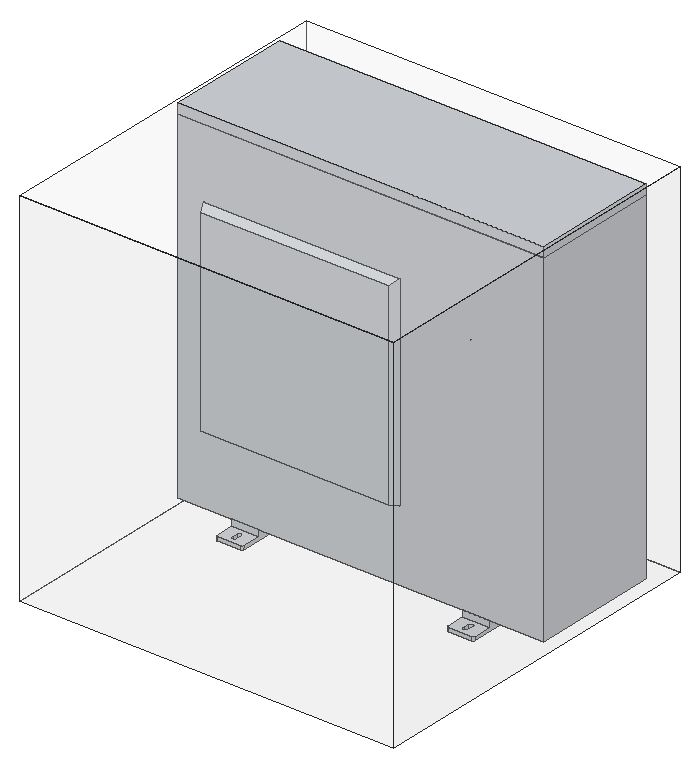
Revit family "puz-zrmp80(s)ha_280ka11_60Hz", category 機械設備, Revit 2019
Family settings
  丸型コネクタ寸法 = 直径を使用
  パーツ タイプ = 標準
  OmniClass 番号 = 23.75.10.24.21.27.27
  OmniClass タイトル = Split System Air Conditioning Units
  作業面ベース = いいえ
  常に垂直 = はい
  ロード時にボイドで切り取り = いいえ
  共有 = いいえ
  部屋計算ポイント = いいえ
Parameters (values of type "PUZ-ZRMP80HA11")
  音響パワーレベル（冷）(dB) = 66
  音響パワーレベル(dB) = 68
  電源種別 = ""
  電源位置Y = 2 mm
  電源位置Z = 669 mm
  電源位置X = 275 mm
  電圧 = 200 V
  電動機出力_送風機 = 0.06 kW
  電動機出力_圧縮機 = 1.6 kW
  集中コントローラ [instance] = ""
  運転質量 = 0.00 kg
  運転方法 = "冷暖切替"
  質量 = if(製品質量 > 運転質量, 製品質量, 運転質量) * 1.2  # 79.20 kg
  負荷分類 = 1_熱源類
  説明 = "空冷H/P PAC インバータ室外機"
  設計暖房能力 [instance] = 0 kW
  設計冷房能力_顕熱 [instance] = 0 kW
  設計冷房能力 [instance] = 0 kW
  設置方法 = "床置形"
  記号 [instance] = ""
  製造元 = "三菱電機株式会社"
  製品質量 = 66.00 kg
  製品出荷対象 = "国内"
  製品リリース年月 = "2021年5月10日"
  製品グループ = ""
  系統 [instance] = ""
  符号 = "PAC"
  積算_科目 = "1 空気調和設備"
  積算_拾い区分 [instance] = ""
  相 = 3
  盤記号 [instance] = ""
  発停方法 = "付属スイッチ"
  特殊仕様 [instance] = ""
  消費電力_暖房 = 1.76 kW
  消費電力_冷房 = 1.68 kW
  消費電力 = if(消費電力_冷房 > 消費電力_暖房, 消費電力_冷房, 消費電力_暖房)  # 1.76 kW
  法定耐用年数 = "6"
  構成品番 = "PUZ-ZRMP80HA"
  極数 = 3
  材質 [instance] = ""
  本体マテリアル = none
  最小電線太さ_mm2 = 1.6
  最大電流値 = 0 A
  暖房能力 = 8 kW
  推奨ブレーカー容量 = 20 A
  据付ピッチ1 = 0 mm
  形式 = "パッケージ形 室外機"
  形名 = PUZ-ZRMP-2 : PUZ-ZRMP-2
  幹線記号 [instance] = ""
  始動方式 = "インバータ始動方式"
  呼称 = "パッケージ形空気調和機_室外機"
  周波数 = 60 Hz
  価格 = 726000
  ドレン　位置Z = 23 mm
  ドレン　位置Y = 111 mm
  ドレン　位置X = 30 mm
  アンカーボルト位置Y = 370 mm
  アンカーボルト位置X = 600 mm
  参照している仕様書等のバージョン = "公共建築物標準仕様書（機械設備工事編）平成31年度版"
  分類コード = "50053003126100"
  分類グループ = ""
  冷房能力 = 7.1 kW
  冷媒管（ガス）位置X = 434 mm
  冷媒管（液）位置X = 377 mm
  冷媒管（液）位置Y = 290 mm
  冷媒管（ガス）位置Y = 229 mm
  冷媒管長 [instance] = 0 mm
  冷媒管径符号 = "Bd"
  冷媒管径 = 100.00 mm
  冷媒管位置Z = 447 mm
  冷媒管位置Y = (冷媒管（液）位置Y + 冷媒管（ガス）位置Y) / 2  # 259.5 mm
  冷媒管位置X = (冷媒管（液）位置X + 冷媒管（ガス）位置X) / 2  # 405.5 mm
  冷媒液管径 = 9.52 mm
  冷媒ガス管径 = 15.88 mm
  企業コード = "108420"
  付属品 [instance] = ""
  仕様書バージョン = "Version1.0"
  ユニット数 = 1
  ユニット3 = yes
  ユニット2 = yes
  Model = ""
  ドレン管径 = 33.00 mm
  サービススペース = yes
  コメント [instance] = ""
  ケーブル種類1 = ""
  Width = 950 mm
  Version = ""
  Uniclass2015Version = "Systems v1.9"
  Uniclass2015Title = "Split coil remote air cooled condensing units"
  Uniclass2015Code = "Pr_70_65_03_84"
  URL = "https://www.mitsubishielectric.co.jp/ldg/wink/ssl/displayProduct.do?pid=311413"
  SpecificationReference = ""
  SpecificationDescription = ""
  Revision = ""
  ProductInformation = ""
  OmniClassCode = "23-33 17 13 11"
  IfcTypeProduct = ""
  IfcProduct = ""
  IfcExportType = "AIRCONDITIONINGUNIT"
  IfcExportAs = "IfcUnitaryEquipmentType"
  Height = 943 mm
  Depth = 330 mm
  Clearance Top = 0 mm
  Clearance Right = 10 mm
  Clearance Left = 10 mm
  Clearance Front = 500 mm
  Clearance Bottom = 0 mm
  Clearance Back = 100 mm
  COP = 0
  Author = "三菱電機株式会社"
  APF = 0
Reference planes
  plane 1 "中心(正面/背面)": y = 74
  plane 2: z = 0
  plane 3 "中心(左/右)": x = 830
  plane 4 "右": x = 1305
  plane 5 "左": x = 355
  plane 6 "背面": y = 239
  plane 7 "正面": y = -91
  plane 8 "上部": z = 943
  plane 9 "Clearanse Top": z = 943
  plane 10 "SS_back": y = 339
  plane 11 "SS_front": y = -591
  plane 12 "SS_left": x = 345
  plane 13 "SS_right": x = 1315
  plane 14: z = 0
  plane 15: y = -89
  plane 16: x = 1105
  plane 17: z = 669
  plane 18: y = -87
  plane 19: y = -20.5
  plane 20: x = 1235.5
  plane 21: z = 447
  plane 22: z = 449
  plane 23: y = 128
  plane 24: x = 385
  plane 25: z = 25
  plane 26: z = 23
  plane 27: x = 530
  plane 28: x = 1130
  plane 29: y = 259
  plane 30: y = -111
Forms (mm)
  Extrusion 1, solid, detail levels fine
    sketch origin (0, -91, 0) x (1, 0, 0) y (0, 0, 1)
      loop
        circle (1105, 669) r 13.5
    from -4 to -2
  Extrusion 2, solid, detail levels fine
    sketch origin (-1437.329, -1524, 54) x (-1, 0, 0) y (0, -1, 0)
      loop
        circle (-2672.829, -1503.5) r 50
    from 393 to 395
  Extrusion 3, solid, detail levels fine
    sketch origin (-1437.329, -1524, 54) x (-1, 0, 0) y (0, -1, 0)
      loop
        circle (-1822.329, -1652) r 16.5
    from -31 to -29
Lines and regions (mm)
  model lines, not visible
    curve 1: line (460, 178.667, 1289.179) -> (460, 297.73, 1289.179)
    curve 2: line (460, 178.667, 1056.056) -> (460, 178.667, 1289.179)
    curve 3: line (460, 297.73, 1056.056) -> (460, 178.667, 1056.056)
    curve 4: line (460, 297.73, 1289.179) -> (460, 297.73, 1056.056)
    curve 5: line (460, 47.598, 1289.179) -> (460, 166.661, 1289.179)
    curve 6: line (460, 47.598, 1056.056) -> (460, 47.598, 1289.179)
    curve 7: line (460, 166.661, 1056.056) -> (460, 47.598, 1056.056)
    curve 8: line (460, 166.661, 1289.179) -> (460, 166.661, 1056.056)
    curve 9: line (460, -83.471, 1289.179) -> (460, 35.592, 1289.179)
    curve 10: line (460, -83.471, 1056.056) -> (460, -83.471, 1289.179)
    curve 11: line (460, 35.592, 1056.056) -> (460, -83.471, 1056.056)
    curve 12: line (460, 35.592, 1289.179) -> (460, 35.592, 1056.056)
    curve 13: line (460, -150.779, 1289.179) -> (460, -95.75, 1289.179)
    curve 14: line (460, -150.779, 1056.056) -> (460, -150.779, 1289.179)
    curve 15: line (460, -95.75, 1056.056) -> (460, -150.779, 1056.056)
    curve 16: line (460, -95.75, 1289.179) -> (460, -95.75, 1056.056)
    curve 17: line (460, -150.779, 1283.175) -> (460, -132.596, 1283.175)
    curve 18: line (460, -150.779, 1062.059) -> (460, -150.779, 1283.175)
    curve 19: line (460, -132.596, 1062.059) -> (460, -150.779, 1062.059)
    curve 20: line (460, -132.596, 1283.175) -> (460, -132.596, 1062.059)
    curve 21: line (460, 178.667, 1046.051) -> (460, 297.73, 1046.051)
    curve 22: line (460, 178.667, 812.928) -> (460, 178.667, 1046.051)
    curve 23: line (460, 297.73, 812.928) -> (460, 178.667, 812.928)
    curve 24: line (460, 297.73, 1046.051) -> (460, 297.73, 812.928)
    curve 25: line (460, 47.598, 1046.051) -> (460, 166.661, 1046.051)
    curve 26: line (460, 47.598, 812.928) -> (460, 47.598, 1046.051)
    curve 27: line (460, 166.661, 812.928) -> (460, 47.598, 812.928)
    curve 28: line (460, 166.661, 1046.051) -> (460, 166.661, 812.928)
    curve 29: line (460, -83.471, 1046.051) -> (460, 35.592, 1046.051)
    curve 30: line (460, -83.471, 812.928) -> (460, -83.471, 1046.051)
    curve 31: line (460, 35.592, 812.928) -> (460, -83.471, 812.928)
    curve 32: line (460, 35.592, 1046.051) -> (460, 35.592, 812.928)
    curve 33: line (460, -150.779, 1046.051) -> (460, -95.75, 1046.051)
    curve 34: line (460, -150.779, 812.928) -> (460, -150.779, 1046.051)
    curve 35: line (460, -95.75, 812.928) -> (460, -150.779, 812.928)
    curve 36: line (460, -95.75, 1046.051) -> (460, -95.75, 812.928)
    curve 37: line (460, -150.779, 1040.048) -> (460, -132.596, 1040.048)
    curve 38: line (460, -150.779, 818.931) -> (460, -150.779, 1040.048)
    curve 39: line (460, -132.596, 818.931) -> (460, -150.779, 818.931)
    curve 40: line (460, -132.596, 1040.048) -> (460, -132.596, 818.931)
    curve 41: line (460, 178.667, 802.923) -> (460, 297.73, 802.923)
    curve 42: line (460, 178.667, 569.8) -> (460, 178.667, 802.923)
    curve 43: line (460, 297.73, 569.8) -> (460, 178.667, 569.8)
    curve 44: line (460, 297.73, 802.923) -> (460, 297.73, 569.8)
    curve 45: line (460, 47.598, 802.923) -> (460, 166.661, 802.923)
    curve 46: line (460, 47.598, 569.8) -> (460, 47.598, 802.923)
    curve 47: line (460, 166.661, 569.8) -> (460, 47.598, 569.8)
    curve 48: line (460, 166.661, 802.923) -> (460, 166.661, 569.8)
    curve 49: line (460, -83.471, 802.923) -> (460, 35.592, 802.923)
    curve 50: line (460, -83.471, 569.8) -> (460, -83.471, 802.923)
    curve 51: line (460, 35.592, 569.8) -> (460, -83.471, 569.8)
    curve 52: line (460, 35.592, 802.923) -> (460, 35.592, 569.8)
    curve 53: line (460, -150.779, 802.923) -> (460, -95.75, 802.923)
    curve 54: line (460, -150.779, 569.8) -> (460, -150.779, 802.923)
    curve 55: line (460, -95.75, 569.8) -> (460, -150.779, 569.8)
    curve 56: line (460, -95.75, 802.923) -> (460, -95.75, 569.8)
    curve 57: line (460, -150.779, 796.92) -> (460, -132.596, 796.92)
    curve 58: line (460, -150.779, 575.803) -> (460, -150.779, 796.92)
    curve 59: line (460, -132.596, 575.803) -> (460, -150.779, 575.803)
    curve 60: line (460, -132.596, 796.92) -> (460, -132.596, 575.803)
    curve 61: line (460, 178.667, 559.795) -> (460, 297.73, 559.795)
    curve 62: line (460, 178.667, 326.672) -> (460, 178.667, 559.795)
    curve 63: line (460, 297.73, 326.672) -> (460, 178.667, 326.672)
    curve 64: line (460, 297.73, 559.795) -> (460, 297.73, 326.672)
    curve 65: line (460, 47.598, 559.795) -> (460, 166.661, 559.795)
    curve 66: line (460, 47.598, 326.672) -> (460, 47.598, 559.795)
    curve 67: line (460, 166.661, 326.672) -> (460, 47.598, 326.672)
    curve 68: line (460, 166.661, 559.795) -> (460, 166.661, 326.672)
    curve 69: line (460, -83.471, 559.795) -> (460, 35.592, 559.795)
    curve 70: line (460, -83.471, 326.672) -> (460, -83.471, 559.795)
    curve 71: line (460, 35.592, 326.672) -> (460, -83.471, 326.672)
    curve 72: line (460, 35.592, 559.795) -> (460, 35.592, 326.672)
    curve 73: line (460, -150.779, 559.795) -> (460, -95.75, 559.795)
    curve 74: line (460, -150.779, 326.672) -> (460, -150.779, 559.795)
    curve 75: line (460, -95.75, 326.672) -> (460, -150.779, 326.672)
    curve 76: line (460, -95.75, 559.795) -> (460, -95.75, 326.672)
    curve 77: line (460, -150.779, 553.792) -> (460, -132.596, 553.792)
    curve 78: line (460, -150.779, 332.675) -> (460, -150.779, 553.792)
    curve 79: line (460, -132.596, 332.675) -> (460, -150.779, 332.675)
    curve 80: line (460, -132.596, 553.792) -> (460, -132.596, 332.675)
    curve 81: line (460, 178.667, 316.667) -> (460, 297.73, 316.667)
    curve 82: line (460, 178.667, 83.544) -> (460, 178.667, 316.667)
    curve 83: line (460, 297.73, 83.544) -> (460, 178.667, 83.544)
    curve 84: line (460, 297.73, 316.667) -> (460, 297.73, 83.544)
    curve 85: line (460, 47.598, 316.667) -> (460, 166.661, 316.667)
    curve 86: line (460, 47.598, 83.544) -> (460, 47.598, 316.667)
    curve 87: line (460, 166.661, 83.544) -> (460, 47.598, 83.544)
    curve 88: line (460, 166.661, 316.667) -> (460, 166.661, 83.544)
    curve 89: line (460, -83.471, 316.667) -> (460, 35.592, 316.667)
    curve 90: line (460, -83.471, 83.544) -> (460, -83.471, 316.667)
    curve 91: line (460, 35.592, 83.544) -> (460, -83.471, 83.544)
    curve 92: line (460, 35.592, 316.667) -> (460, 35.592, 83.544)
    curve 93: line (460, -150.779, 316.667) -> (460, -95.75, 316.667)
    curve 94: line (460, -150.779, 83.544) -> (460, -150.779, 316.667)
    curve 95: line (460, -95.75, 83.544) -> (460, -150.779, 83.544)
    curve 96: line (460, -95.75, 316.667) -> (460, -95.75, 83.544)
    curve 97: line (460, -150.779, 310.664) -> (460, -132.596, 310.664)
    curve 98: line (460, -150.779, 89.547) -> (460, -150.779, 310.664)
    curve 99: line (460, -132.596, 89.547) -> (460, -150.779, 89.547)
    curve 100: line (460, -132.596, 310.664) -> (460, -132.596, 89.547)
Dimensions and locks
  equal spacing: plane 7 "正面", plane 1 "中心(正面/背面)", plane 6 "背面"
  "Depth": plane 7 "正面" to plane 6 "背面"
  "Width": plane 5 "左" to plane 4 "右"
  equal spacing: plane 5 "左", plane 3 "中心(左/右)", plane 4 "右"
  "Clearance Left": plane 12 "SS_left" to plane 5 "左"
  "Clearance Right": plane 4 "右" to plane 13 "SS_right"
  "Clearance Back": plane 6 "背面" to plane 10 "SS_back"
  "Clearance Front": plane 11 "SS_front" to plane 7 "正面"
  "Height": plane 8 "上部" to level
  "Clearance Top": plane 9 "Clearanse Top" to plane 8 "上部"
  "Clearance Bottom": level to plane 14
  "電源位置X": plane 3 "中心(左/右)" to plane 16
  "電源位置Y": plane 7 "正面" to plane 15
  "電源位置Z": plane 17 to level
  locked: plane 15 to plane 18 at 2
  "冷媒管位置X": plane 3 "中心(左/右)" to plane 20
  "冷媒管位置Y": plane 19 to plane 6 "背面"
  "冷媒管位置Z": plane 21 to level
  locked: plane 22 to plane 21 at 2
  "ドレン　位置X": plane 5 "左" to plane 24
  "ドレン　位置Y": plane 23 to plane 6 "背面"
  locked: plane 25 to plane 26 at 2
  "ドレン　位置Z": plane 26 to level
  equal spacing: plane 30, plane 1 "中心(正面/背面)", plane 29
  "アンカーボルト位置Y": plane 30 to plane 29
  equal spacing: plane 27, plane 3 "中心(左/右)", plane 28
  "アンカーボルト位置X": plane 27 to plane 28
  radius of Extrusion 1 sketch curve = 13.5 mm
  "冷媒管径": diameter of Extrusion 2 sketch curve
  "ドレン管径": diameter of Extrusion 3 sketch curve
  aligned and locked: level to plane 2
  aligned and locked: plane 10 "SS_back" to nested 1  (x2)
  aligned and locked: plane 13 "SS_right" to nested 1
  aligned and locked: plane 12 "SS_left" to nested 1  (x2)
  aligned and locked: nested 1 to plane 13 "SS_right"
  aligned and locked: plane 11 "SS_front" to nested 1
  aligned and locked: plane 9 "Clearanse Top" to nested 1
  aligned and locked: plane 1 "中心(正面/背面)" to nested 2
  aligned and locked: plane 3 "中心(左/右)" to nested 2
  aligned and locked: plane 14 to nested 1
  aligned and locked: plane 17 to Extrusion 1 sketch curve
  aligned and locked: plane 16 to Extrusion 1 sketch curve
  aligned and locked: Extrusion 1 to plane 18
  aligned and locked: plane 15 to Extrusion 1
  aligned and locked: plane 19 to Extrusion 2 sketch curve
  aligned and locked: plane 20 to Extrusion 2 sketch curve
  aligned and locked: plane 22 to Extrusion 2
  aligned and locked: Extrusion 2 to plane 21
  aligned and locked: plane 24 to Extrusion 3 sketch curve
  aligned and locked: plane 23 to Extrusion 3 sketch curve
  aligned and locked: plane 25 to Extrusion 3
  aligned and locked: Extrusion 3 to plane 26
  aligned and locked: plane 27 to nested 3
  aligned and locked: plane 29 to nested 3
Nested families
  nested 1: "サービススペース" at (830, -126, 471.5), visible <- "サービススペース", type "サービススペース"
    with Width 970 mm, Height 943 mm, Depth 930 mm
  nested 2: "PUZ-ZRMP-2" at (830, 74, 0), type <- "形名", type "PUZ-ZRMP-2"
  nested 3: "固定点" at (530, -111, 0), type "固定点"
    with W 600 mm, D 370 mm
Connectors
  piping at (1235.5, -20.5, 447), diameter 100, driven by "冷媒管径", driven by "冷媒管径符号"
    settings: on Extrusion 2, index 1, connector inside diameter 609.60 mm, connector length 0 mm, flow factor 0, pipe flow 0.0 L/s, pressure drop 0.0 Pa, fitting loss kfactor 0, connector angle 0.00°, fixture units 0, engagement length 0 mm, angle of deflection 0.00°, flow configuration 1, flow direction 2, fitting loss method 4, system type 7, joint type 0, gender type 0, connector reference index -1, connector utility 0, adjustable connector no, is connector primary yes, connector description "Bd"
  electrical at (1105, -89, 669), driven by "極数", driven by "負荷分類", driven by "電圧", driven by "消費電力"
    settings: on Extrusion 1, index 2, voltage 200 V, apparent load 1760 VA, apparent load phase1 0 VA, apparent load phase2 0 VA, apparent load phase3 0 VA, power factor 1, load classification "1_熱源類", number of poles 3, system type 30, power factor state 1, is connector primary yes, connector utility no, sub classification motor no, connector description ""
Definition of nested family "サービススペース"
  Parameters (values of type "サービススペース")
    Width [instance] = 500 mm
    Height [instance] = 500 mm
    Depth [instance] = 500 mm
  Reference planes
    plane 1 "中心(正面/背面)": y = 0
    plane 2: z = 0
    plane 3 "中心(左/右)": x = 0
    plane 4: y = -250
    plane 5: x = 250
    plane 6: y = 250
    plane 7: x = -250
    plane 8: z = 250
    plane 9: z = -250
  Forms (mm)
    Extrusion 1, solid
      sketch origin (-638.939, 0, 72.39) x (1, 0, 0) y (0, 1, 0)
        loop
          line (388.939, 250) -> (388.939, -250) -> (888.939, -250) -> (888.939, 250) -> (388.939, 250)
      from -322.39 to 177.61
  Lines and regions (mm)
    symbolic lines
      curve 1: line (-250, 0, 250) -> (250, 0, 250)
      curve 2: line (-250, 0, -250) -> (-250, 0, 250)
      curve 3: line (250, 0, -250) -> (-250, 0, -250)
      curve 4: line (250, 0, 250) -> (250, 0, -250)
      curve 5: line (0, -250, 250) -> (0, 250, 250)
      curve 6: line (0, -250, -250) -> (0, -250, 250)
      curve 7: line (0, 250, -250) -> (0, -250, -250)
      curve 8: line (0, 250, 250) -> (0, 250, -250)
      curve 9: line (-250, 250, 0) -> (250, 250, 0)
      curve 10: line (-250, -250, 0) -> (-250, 250, 0)
      curve 11: line (250, -250, 0) -> (-250, -250, 0)
      curve 12: line (250, 250, 0) -> (250, -250, 0)
  Dimensions and locks
    equal spacing: plane 7, plane 3 "中心(左/右)", plane 5
    equal spacing: plane 4, plane 1 "中心(正面/背面)", plane 6
    "Depth": plane 4 to plane 6
    "Width": plane 7 to plane 5
    equal spacing: plane 8, plane 2, plane 9
    "Height": plane 8 to plane 9
    aligned and locked: plane 9 to curve 3
    aligned and locked: plane 7 to curve 2
    aligned and locked: curve 4 to plane 5
    aligned and locked: plane 5 to Extrusion 1
    aligned and locked: Extrusion 1 to plane 7
    aligned and locked: Extrusion 1 to plane 9
    aligned and locked: plane 8 to Extrusion 1
    aligned and locked: plane 9 to curve 7
  Automatic sketch dimensions
    plane 4 to Extrusion 1 sketch curve = 0 mm
    Extrusion 1 sketch curve to plane 7 = 0 mm
    Extrusion 1 sketch curve to plane 5 = 0 mm
    plane 6 to Extrusion 1 sketch curve = 0 mm
    curve 2 to plane 8 = 0 mm
    plane 4 to curve 11 = 0 mm
    curve 11 to plane 7 = 0 mm
    curve 11 to plane 5 = 0 mm
    plane 6 to curve 10 = 0 mm
    curve 7 to plane 4 = 0 mm
    curve 7 to plane 6 = 0 mm
    curve 6 to plane 8 = 0 mm
Definition of nested family "PUZ-ZRMP-2"
  Parameters (values of type "PUZ-ZRMP-2")
    配線取出口サイズ = 27 mm
    配線取出口-Z = 669 mm
    配線取出口-Y = 325 mm
    配線取出口-X = 275 mm
    液配管サイズ = 100 mm
    高さ = 943 mm
    換気-W = 322 mm
    換気-H2 = 632 mm
    換気-H1 = 473 mm
    換気-D = 25 mm
    奥行き = 330 mm
    吊りボルト_H = 0 mm
    吊りボルト-φ = 12 mm
    冷媒配管サイズ = 9.52 mm
    冷媒液管径-Z = 447 mm
    冷媒液管径-Y = 290 mm
    冷媒液管径-X = 377 mm
    冷媒ガス管径-Z = 431 mm
    冷媒ガス管径-Y = 229 mm
    冷媒ガス管径-X = 434 mm
    吊りボルト-W = 600 mm
    マテリアル = none
    ドレン配管サイズ = 33 mm
    ドレン管径-Z = 0 mm
    ドレン管径-Y = 219 mm
    ドレン管径-X = 445 mm
    タイプ3 = no
    タイプ2 = yes
    タイプ1 = no
    ガス配管サイズ = 15.88 mm
    吊りボルト-D = 370 mm
    幅さ = 950 mm
    a = 幅さ / 2  # 475 mm
  Reference planes
    plane 1 "中心(正面/背面)": y = 0
    plane 2: z = 0
    plane 3 "中心(左/右)": x = 0
    plane 4: z = 943
    plane 5: x = -475
    plane 6: x = 475
    plane 7: y = 165
    plane 8: y = -165
    plane 9: x = 537
    plane 10: y = -105
    plane 11: y = 5
    plane 12: z = 918
    plane 13: x = -495
    plane 14: x = -300
    plane 15: x = 300
    plane 16: y = 185
    plane 17: y = -185
    plane 18: x = 335
    plane 19: x = 265
    plane 20: x = -265
    plane 21: x = -335
    plane 22: y = 204
    plane 23: y = -218
    plane 24: z = 8.5
    plane 25: z = 25
    plane 26: z = 23
    plane 27: x = -185
    plane 28: x = 170
    plane 29: z = 938
    plane 30: y = -40
    plane 31: y = 40
    plane 32: y = -30
    plane 33: y = 30
    plane 34: z = 923
    plane 35: z = 55
    plane 36: z = 225
    plane 37: z = 570
    plane 38: x = 485
    plane 39: x = 506
    plane 40: y = -190
    plane 41: x = -153
    plane 42: z = 473
    plane 43: x = 101
    plane 44: x = -407
    plane 45: z = 737
    plane 46: z = 209
    plane 47: x = -397
    plane 48: x = 91
    plane 49: z = 727
    plane 50: z = 219
    plane 51: y = 115
    plane 52: y = -115
    plane 53: y = 54
    plane 54: x = 434
    plane 55: x = 275
    plane 56: y = -160
    plane 57: y = -125
    plane 58: y = -64
    plane 59: x = 377
    plane 60: z = 431
    plane 61: z = 447
    plane 62: z = 669
    plane 63: y = -110
    plane 64: z = 531
    plane 65: z = 547
    plane 66: x = 405.5
    plane 67: y = -94.5
    plane 68 "グループ": x = -475
    plane 69: z = 1338
    plane 70: z = 943
    plane 71: z = 1105
    plane 72: z = 1369
    plane 73: z = 841
    plane 74: z = 1359
    plane 75: z = 851
    plane 76: x = -445
    plane 77: y = 135
    plane 78: x = -225
    plane 79: x = -80
    plane 80: x = 65
    plane 81: x = 210
  Forms (mm)
    Extrusion 1, solid, visible <- "タイプ2", detail levels fine
      sketch origin (-1437.329, -1524, 943) x (-1, 0, 0) y (0, -1, 0)
        loop
          line (-1102.329, -1689) -> (-1102.329, -1359) -> (-1172.329, -1359) -> (-1172.329, -1689) -> (-1102.329, -1689)
        loop
          line (-1702.329, -1689) -> (-1702.329, -1359) -> (-1772.329, -1359) -> (-1772.329, -1689) -> (-1702.329, -1689)
      from -943 to -918
    Extrusion 2, solid, material <- "マテリアル", visible <- "タイプ2", detail levels fine
      sketch origin (-1437.329, -1524, 943) x (-1, 0, 0) y (0, -1, 0)
        loop
          line (-1912.329, -1689) -> (-962.329, -1689) -> (-962.329, -1359) -> (-1912.329, -1359) -> (-1912.329, -1689)
      from -918 to -25
    Extrusion 3, solid, material <- "マテリアル", visible <- "タイプ2", detail levels fine
      sketch origin (-1437.329, -1524, 943) x (-1, 0, 0) y (0, -1, 0)
        loop
          line (-962.329, -1689) -> (-962.329, -1359) -> (-1912.329, -1359) -> (-1912.329, -1689) -> (-962.329, -1689)
      from -25 to 0
    Blend 4, solid, material <- "マテリアル", visible <- "タイプ2", detail levels fine
      base sketch origin (0, 0, 0) x (1, 0, 0) y (0, 0, 1)
        loop
          line (-407, 737) -> (-407, 209) -> (101, 209) -> (101, 737) -> (-407, 737)
      top sketch origin (0, 0, 0) x (1, 0, 0) y (0, 0, 1)
        loop
          line (-397, 727) -> (-397, 219) -> (91, 219) -> (91, 727) -> (-397, 727)
      from 165 to 190
    Extrusion 5, solid, material <- "マテリアル", visible <- "タイプ2", detail levels fine
      sketch origin (-1437.329, -1524, 943) x (-1, 0, 0) y (0, -1, 0)
        loop
          circle (-1871.329, -1460) r 7.94
      from -512 to -412
    Extrusion 6, solid, material <- "マテリアル", visible <- "タイプ2", detail levels fine
      sketch origin (-1437.329, -1524, 943) x (-1, 0, 0) y (0, -1, 0)
        loop
          circle (-1814.329, -1399) r 4.76
      from -496 to -396
    Extrusion 7, solid, material <- "マテリアル", visible <- "タイプ2", detail levels fine
      sketch origin (1480.036, -190, 1200) x (1, 0, 0) y (0, 0, 1)
        loop
          circle (-1205.036, -531) r 13.5
      from -80 to -30
    Extrusion 8, solid, material <- "マテリアル", visible <- "タイプ2", detail levels fine
      sketch origin (-1437.329, -1524, 943) x (-1, 0, 0) y (0, -1, 0)
        loop
          circle (-1842.829, -1429.5) r 50
      from -496 to -396
    Extrusion 9, solid, visible <- "タイプ2", detail levels fine
      sketch origin (-1437.329, -1524, 943) x (-1, 0, 0) y (0, -1, 0)
        loop
          line (-1102.329, -1728) -> (-1102.329, -1689) -> (-1172.329, -1689) -> (-1172.329, -1728) -> (-1143.329, -1728) -> (-1143.329, -1709)
          arc (-1143.329, -1709) -> (-1137.329, -1703) -> (-1131.329, -1709) r 6
          line (-1131.329, -1709) -> (-1131.329, -1728) -> (-1102.329, -1728)
        loop
          line (-1102.329, -1359) -> (-1102.329, -1311)
          arc (-1102.329, -1311) -> (-1103.794, -1307.464) -> (-1107.329, -1306) r 5
          line (-1107.329, -1306) -> (-1167.329, -1306)
          arc (-1167.329, -1306) -> (-1170.865, -1307.464) -> (-1172.329, -1311) r 5
          line (-1172.329, -1311) -> (-1172.329, -1359) -> (-1102.329, -1359)
        loop
          arc (-1143.329, -1339) -> (-1137.329, -1345) -> (-1131.329, -1339) r 6
          line (-1131.329, -1339) -> (-1131.329, -1324)
          arc (-1131.329, -1324) -> (-1137.329, -1318) -> (-1143.329, -1324) r 6
          line (-1143.329, -1324) -> (-1143.329, -1339)
        loop
          line (-1772.329, -1728) -> (-1743.329, -1728) -> (-1743.329, -1709)
          arc (-1743.329, -1709) -> (-1737.329, -1703) -> (-1731.329, -1709) r 6
          line (-1731.329, -1709) -> (-1731.329, -1728) -> (-1702.329, -1728) -> (-1702.329, -1689) -> (-1772.329, -1689) -> (-1772.329, -1728)
        loop
          line (-1772.329, -1359) -> (-1702.329, -1359) -> (-1702.329, -1311)
          arc (-1702.329, -1311) -> (-1703.794, -1307.464) -> (-1707.329, -1306) r 5
          line (-1707.329, -1306) -> (-1767.329, -1306)
          arc (-1767.329, -1306) -> (-1770.865, -1307.464) -> (-1772.329, -1311) r 5
          line (-1772.329, -1311) -> (-1772.329, -1359)
        loop
          line (-1731.329, -1339) -> (-1731.329, -1324)
          arc (-1731.329, -1324) -> (-1737.329, -1318) -> (-1743.329, -1324) r 6
          line (-1743.329, -1324) -> (-1743.329, -1339)
          arc (-1743.329, -1339) -> (-1737.329, -1345) -> (-1731.329, -1339) r 6
      from -943 to -934.5
    Extrusion 10, solid, material <- "マテリアル", visible <- "タイプ2", detail levels fine
      sketch origin (-1437.329, -1524, 943) x (-1, 0, 0) y (0, -1, 0)
        loop
          circle (-992.329, -1578) r 16.5
        loop
          circle (-1212.329, -1659) r 16.5
        loop
          circle (-1357.329, -1659) r 16.5
        loop
          circle (-1502.329, -1659) r 16.5
        loop
          circle (-1647.329, -1659) r 16.5
      from -920 to -918
  Cuts and joins
    joined: Extrusion 1, Extrusion 9
  Lines and regions (mm)
    Masking region 1, visible <- "タイプ2", detail levels coarse+medium
      outline origin (-1437.329, -1524, 943) x (-1, 0, 0) y (0, -1, 0)
        loop
          line (-1912.329, -1689) -> (-1772.329, -1689) -> (-1772.329, -1728) -> (-1702.329, -1728) -> (-1702.329, -1689) -> (-1172.329, -1689) -> (-1172.329, -1728) -> (-1102.329, -1728) -> (-1102.329, -1689) -> (-962.329, -1689) -> (-962.329, -1359) -> (-1030.329, -1359) -> (-1040.329, -1334) -> (-1102.329, -1334) -> (-1102.329, -1306) -> (-1172.329, -1306) -> (-1172.329, -1334) -> (-1528.329, -1334) -> (-1538.329, -1359) -> (-1702.329, -1359) -> (-1702.329, -1306) -> (-1772.329, -1306) -> (-1772.329, -1359) -> (-1912.329, -1359) -> (-1912.329, -1689)
    model lines, visible <- "タイプ2", detail levels fine
      curve 1: line (395, 115, 943) -> (-395, 115, 943)
      curve 2: line (-395, -115, 943) -> (395, -115, 943)
      curve 3: line (-395, -45, 943) -> (395, -45, 943)
      curve 4: line (395, 45, 943) -> (-395, 45, 943)
      curve 5: line (-395, -35, 943) -> (395, -35, 943)
      curve 6: line (395, 35, 943) -> (-395, 35, 943)
      curve 7: line (-395, 115, 943) -> (-395, 45, 943)
      curve 8: line (395, -115, 943) -> (395, -45, 943)
      curve 9: line (-395, 35, 943) -> (-395, -35, 943)
      curve 10: line (-395, -45, 943) -> (-395, -115, 943)
      curve 11: line (395, -35, 943) -> (395, 35, 943)
      curve 12: line (395, 45, 943) -> (395, 115, 943)
      curve 13: line (425, -115, 943) -> (425, 115, 943)
      curve 14: line (410, -115, 943) -> (410, 115, 943)
      curve 15: line (-425, 115, 943) -> (-425, -115, 943)
      curve 16: line (-410, 115, 943) -> (-410, -115, 943)
      curve 17: line (-410, 115, 943) -> (-425, 115, 943)
      curve 18: line (-410, -115, 943) -> (-425, -115, 943)
      curve 19: line (410, 115, 943) -> (425, 115, 943)
      curve 20: line (410, -115, 943) -> (425, -115, 943)
      curve 21: line (-397, -190, 520.5) -> (91, -190, 520.5)
      curve 22: line (91, -190, 425.5) -> (-397, -190, 425.5)
      curve 23: line (-397, -190, 615.5) -> (91, -190, 615.5)
      curve 24: line (-397, -190, 710.5) -> (91, -190, 710.5)
      curve 25: line (91, -190, 330.5) -> (-397, -190, 330.5)
      curve 26: line (91, -190, 235.5) -> (-397, -190, 235.5)
      curve 27: line (-379.571, -190, 727) -> (-379.571, -190, 219)
      curve 28: line (73.571, -190, 219) -> (73.571, -190, 727)
      curve 29: line (-362.143, -190, 727) -> (-362.143, -190, 219)
      curve 30: line (-344.714, -190, 727) -> (-344.714, -190, 219)
      curve 31: line (-327.286, -190, 727) -> (-327.286, -190, 219)
      curve 32: line (-309.857, -190, 727) -> (-309.857, -190, 219)
      curve 33: line (-292.429, -190, 727) -> (-292.429, -190, 219)
      curve 34: line (-275, -190, 727) -> (-275, -190, 219)
      curve 35: line (-257.571, -190, 727) -> (-257.571, -190, 219)
      curve 36: line (-240.143, -190, 727) -> (-240.143, -190, 219)
      curve 37: line (-222.714, -190, 727) -> (-222.714, -190, 219)
      curve 38: line (-205.286, -190, 727) -> (-205.286, -190, 219)
      curve 39: line (-187.857, -190, 727) -> (-187.857, -190, 219)
      curve 40: line (-170.429, -190, 727) -> (-170.429, -190, 219)
      curve 41: line (-153, -190, 727) -> (-153, -190, 219)
      curve 42: line (-135.571, -190, 727) -> (-135.571, -190, 219)
      curve 43: line (-118.143, -190, 727) -> (-118.143, -190, 219)
      curve 44: line (-100.714, -190, 727) -> (-100.714, -190, 219)
      curve 45: line (-83.286, -190, 727) -> (-83.286, -190, 219)
      curve 46: line (-65.857, -190, 727) -> (-65.857, -190, 219)
      curve 47: line (-48.429, -190, 727) -> (-48.429, -190, 219)
      curve 48: line (-31, -190, 727) -> (-31, -190, 219)
      curve 49: line (-13.571, -190, 727) -> (-13.571, -190, 219)
      curve 50: line (3.857, -190, 727) -> (3.857, -190, 219)
      curve 51: line (21.286, -190, 727) -> (21.286, -190, 219)
      curve 52: line (38.714, -190, 727) -> (38.714, -190, 219)
      curve 53: line (56.143, -190, 727) -> (56.143, -190, 219)
      curve 54: line (-475, -100, 33.5) -> (-475, -60, 33.5)
      curve 55: line (-475, -100, 73.5) -> (-475, -100, 33.5)
      curve 56: line (-475, -60, 73.5) -> (-475, -100, 73.5)
      curve 57: line (-475, -60, 33.5) -> (-475, -60, 73.5)
      curve 58: line (-475, 60, 33.5) -> (-475, 100, 33.5)
      curve 59: line (-475, 60, 73.5) -> (-475, 60, 33.5)
      curve 60: line (-475, 100, 73.5) -> (-475, 60, 73.5)
      curve 61: line (-475, 100, 33.5) -> (-475, 100, 73.5)
      curve 62: line (-475, -46.667, 33.5) -> (-475, -6.667, 33.5)
      curve 63: line (-475, -46.667, 73.5) -> (-475, -46.667, 33.5)
      curve 64: line (-475, -6.667, 73.5) -> (-475, -46.667, 73.5)
      curve 65: line (-475, -6.667, 33.5) -> (-475, -6.667, 73.5)
      curve 66: line (-475, 6.667, 33.5) -> (-475, 46.667, 33.5)
      curve 67: line (-475, 6.667, 73.5) -> (-475, 6.667, 33.5)
      curve 68: line (-475, 46.667, 73.5) -> (-475, 6.667, 73.5)
      curve 69: line (-475, 46.667, 33.5) -> (-475, 46.667, 73.5)
      curve 70: line (-475, -100, 87) -> (-475, -60, 87)
      curve 71: line (-475, -100, 277) -> (-475, -100, 87)
      curve 72: line (-475, -60, 277) -> (-475, -100, 277)
      curve 73: line (-475, -60, 87) -> (-475, -60, 277)
      curve 74: line (-475, -100, 292) -> (-475, -60, 292)
      curve 75: line (-475, -100, 482) -> (-475, -100, 292)
      curve 76: line (-475, -60, 482) -> (-475, -100, 482)
      curve 77: line (-475, -60, 292) -> (-475, -60, 482)
      curve 78: line (-475, -100, 497) -> (-475, -60, 497)
      curve 79: line (-475, -100, 687) -> (-475, -100, 497)
      curve 80: line (-475, -60, 687) -> (-475, -100, 687)
      curve 81: line (-475, -60, 497) -> (-475, -60, 687)
      curve 82: line (-475, -100, 702) -> (-475, -60, 702)
      curve 83: line (-475, -100, 892) -> (-475, -100, 702)
      curve 84: line (-475, -60, 892) -> (-475, -100, 892)
      curve 85: line (-475, -60, 702) -> (-475, -60, 892)
      curve 86: line (-475, 60, 87) -> (-475, 100, 87)
      curve 87: line (-475, 60, 277) -> (-475, 60, 87)
      curve 88: line (-475, 100, 277) -> (-475, 60, 277)
      curve 89: line (-475, 100, 87) -> (-475, 100, 277)
      curve 90: line (-475, -46.667, 87) -> (-475, -6.667, 87)
      curve 91: line (-475, -46.667, 277) -> (-475, -46.667, 87)
      curve 92: line (-475, -6.667, 277) -> (-475, -46.667, 277)
      curve 93: line (-475, -6.667, 87) -> (-475, -6.667, 277)
      curve 94: line (-475, 6.667, 87) -> (-475, 46.667, 87)
      curve 95: line (-475, 6.667, 277) -> (-475, 6.667, 87)
      curve 96: line (-475, 46.667, 277) -> (-475, 6.667, 277)
      curve 97: line (-475, 46.667, 87) -> (-475, 46.667, 277)
      curve 98: line (-475, 60, 292) -> (-475, 100, 292)
      curve 99: line (-475, 60, 482) -> (-475, 60, 292)
      curve 100: line (-475, 100, 482) -> (-475, 60, 482)
      curve 101: line (-475, 100, 292) -> (-475, 100, 482)
      curve 102: line (-475, 60, 702) -> (-475, 100, 702)
      curve 103: line (-475, 60, 892) -> (-475, 60, 702)
      curve 104: line (-475, 100, 892) -> (-475, 60, 892)
      curve 105: line (-475, 100, 702) -> (-475, 100, 892)
      curve 106: line (-475, -46.667, 292) -> (-475, -6.667, 292)
      curve 107: line (-475, -46.667, 482) -> (-475, -46.667, 292)
      curve 108: line (-475, -6.667, 482) -> (-475, -46.667, 482)
      curve 109: line (-475, -6.667, 292) -> (-475, -6.667, 482)
      curve 110: line (-475, -46.667, 497) -> (-475, -6.667, 497)
      curve 111: line (-475, -46.667, 687) -> (-475, -46.667, 497)
      curve 112: line (-475, -6.667, 687) -> (-475, -46.667, 687)
      curve 113: line (-475, -6.667, 497) -> (-475, -6.667, 687)
      curve 114: line (-475, -46.667, 702) -> (-475, -6.667, 702)
      curve 115: line (-475, -46.667, 892) -> (-475, -46.667, 702)
      curve 116: line (-475, -6.667, 892) -> (-475, -46.667, 892)
      curve 117: line (-475, -6.667, 702) -> (-475, -6.667, 892)
      curve 118: line (-475, 6.667, 292) -> (-475, 46.667, 292)
      curve 119: line (-475, 6.667, 482) -> (-475, 6.667, 292)
      curve 120: line (-475, 46.667, 482) -> (-475, 6.667, 482)
      curve 121: line (-475, 46.667, 292) -> (-475, 46.667, 482)
      curve 122: line (-475, 6.667, 497) -> (-475, 46.667, 497)
      curve 123: line (-475, 6.667, 687) -> (-475, 6.667, 497)
      curve 124: line (-475, 46.667, 687) -> (-475, 6.667, 687)
      curve 125: line (-475, 46.667, 497) -> (-475, 46.667, 687)
      curve 126: line (-475, 6.667, 702) -> (-475, 46.667, 702)
      curve 127: line (-475, 6.667, 892) -> (-475, 6.667, 702)
      curve 128: line (-475, 46.667, 892) -> (-475, 6.667, 892)
      curve 129: line (-475, 46.667, 702) -> (-475, 46.667, 892)
    model lines, visible <- "タイプ3", not visible
      curve 130: line (-404.5, -100, 907) -> (-404.5, -60, 907)
      curve 131: line (-404.5, -100, 1097) -> (-404.5, -100, 907)
      curve 132: line (-404.5, -60, 1097) -> (-404.5, -100, 1097)
      curve 133: line (-404.5, -60, 907) -> (-404.5, -60, 1097)
      curve 134: line (-404.5, 60, 907) -> (-404.5, 100, 907)
      curve 135: line (-404.5, 60, 1097) -> (-404.5, 60, 907)
      curve 136: line (-404.5, 100, 1097) -> (-404.5, 60, 1097)
      curve 137: line (-404.5, 100, 907) -> (-404.5, 100, 1097)
      curve 138: line (-404.5, -46.667, 907) -> (-404.5, -6.667, 907)
      curve 139: line (-404.5, -46.667, 1097) -> (-404.5, -46.667, 907)
      curve 140: line (-404.5, -6.667, 1097) -> (-404.5, -46.667, 1097)
      curve 141: line (-404.5, -6.667, 907) -> (-404.5, -6.667, 1097)
      curve 142: line (-404.5, 6.667, 907) -> (-404.5, 46.667, 907)
      curve 143: line (-404.5, 6.667, 1097) -> (-404.5, 6.667, 907)
      curve 144: line (-404.5, 46.667, 1097) -> (-404.5, 6.667, 1097)
      curve 145: line (-404.5, 46.667, 907) -> (-404.5, 46.667, 1097)
      curve 146: line (-404.5, -100, 1112) -> (-404.5, -60, 1112)
      curve 147: line (-404.5, -100, 1302) -> (-404.5, -100, 1112)
      curve 148: line (-404.5, -60, 1302) -> (-404.5, -100, 1302)
      curve 149: line (-404.5, -60, 1112) -> (-404.5, -60, 1302)
      curve 150: line (-404.5, 60, 1112) -> (-404.5, 100, 1112)
      curve 151: line (-404.5, 60, 1302) -> (-404.5, 60, 1112)
      curve 152: line (-404.5, 100, 1302) -> (-404.5, 60, 1302)
      curve 153: line (-404.5, 100, 1112) -> (-404.5, 100, 1302)
      curve 154: line (-404.5, -46.667, 1112) -> (-404.5, -6.667, 1112)
      curve 155: line (-404.5, -46.667, 1302) -> (-404.5, -46.667, 1112)
      curve 156: line (-404.5, -6.667, 1302) -> (-404.5, -46.667, 1302)
      curve 157: line (-404.5, -6.667, 1112) -> (-404.5, -6.667, 1302)
      curve 158: line (-404.5, 6.667, 1112) -> (-404.5, 46.667, 1112)
      curve 159: line (-404.5, 6.667, 1302) -> (-404.5, 6.667, 1112)
      curve 160: line (-404.5, 46.667, 1302) -> (-404.5, 6.667, 1302)
      curve 161: line (-404.5, 46.667, 1112) -> (-404.5, 46.667, 1302)
    model lines, visible <- "タイプ2", not visible
      curve 162: line (-600, -100, 33.5) -> (-600, -60, 33.5)
      curve 163: line (-600, -100, 73.5) -> (-600, -100, 33.5)
      curve 164: line (-600, -60, 73.5) -> (-600, -100, 73.5)
      curve 165: line (-600, -60, 33.5) -> (-600, -60, 73.5)
      curve 166: line (-600, 60, 33.5) -> (-600, 100, 33.5)
      curve 167: line (-600, 60, 73.5) -> (-600, 60, 33.5)
      curve 168: line (-600, 100, 73.5) -> (-600, 60, 73.5)
      curve 169: line (-600, 100, 33.5) -> (-600, 100, 73.5)
      curve 170: line (-509, -46.667, 33.5) -> (-509, -6.667, 33.5)
      curve 171: line (-509, -46.667, 73.5) -> (-509, -46.667, 33.5)
      curve 172: line (-509, -6.667, 73.5) -> (-509, -46.667, 73.5)
      curve 173: line (-509, -6.667, 33.5) -> (-509, -6.667, 73.5)
      curve 174: line (-509, 6.667, 33.5) -> (-509, 46.667, 33.5)
      curve 175: line (-509, 6.667, 73.5) -> (-509, 6.667, 33.5)
      curve 176: line (-509, 46.667, 73.5) -> (-509, 6.667, 73.5)
      curve 177: line (-509, 46.667, 33.5) -> (-509, 46.667, 73.5)
    model lines, visible <- "タイプ2", not visible, detail levels fine
      curve 178: line (-475, -100, 87) -> (-475, -60, 87)
      curve 179: line (-475, -100, 277) -> (-475, -100, 87)
      curve 180: line (-475, -60, 277) -> (-475, -100, 277)
      curve 181: line (-475, -60, 87) -> (-475, -60, 277)
      curve 182: line (-475, -100, 292) -> (-475, -60, 292)
      curve 183: line (-475, -100, 482) -> (-475, -100, 292)
      curve 184: line (-475, -60, 482) -> (-475, -100, 482)
      curve 185: line (-475, -60, 292) -> (-475, -60, 482)
      curve 186: line (-475, -100, 497) -> (-475, -60, 497)
      curve 187: line (-475, -100, 687) -> (-475, -100, 497)
      curve 188: line (-475, -60, 687) -> (-475, -100, 687)
      curve 189: line (-475, -60, 497) -> (-475, -60, 687)
      curve 190: line (-475, -100, 702) -> (-475, -60, 702)
      curve 191: line (-475, -100, 892) -> (-475, -100, 702)
      curve 192: line (-475, -60, 892) -> (-475, -100, 892)
      curve 193: line (-475, -60, 702) -> (-475, -60, 892)
      curve 194: line (-475, 60, 87) -> (-475, 100, 87)
      curve 195: line (-475, 60, 277) -> (-475, 60, 87)
      curve 196: line (-475, 100, 277) -> (-475, 60, 277)
      curve 197: line (-475, 100, 87) -> (-475, 100, 277)
      curve 198: line (-475, -46.667, 87) -> (-475, -6.667, 87)
      curve 199: line (-475, -46.667, 277) -> (-475, -46.667, 87)
      curve 200: line (-475, -6.667, 277) -> (-475, -46.667, 277)
      curve 201: line (-475, -6.667, 87) -> (-475, -6.667, 277)
      curve 202: line (-475, 6.667, 87) -> (-475, 46.667, 87)
      curve 203: line (-475, 6.667, 277) -> (-475, 6.667, 87)
      curve 204: line (-475, 46.667, 277) -> (-475, 6.667, 277)
      curve 205: line (-475, 46.667, 87) -> (-475, 46.667, 277)
      curve 206: line (-475, 60, 292) -> (-475, 100, 292)
      curve 207: line (-475, 60, 482) -> (-475, 60, 292)
      curve 208: line (-475, 100, 482) -> (-475, 60, 482)
      curve 209: line (-475, 100, 292) -> (-475, 100, 482)
      curve 210: line (-475, 60, 702) -> (-475, 100, 702)
      curve 211: line (-475, 60, 892) -> (-475, 60, 702)
      curve 212: line (-475, 100, 892) -> (-475, 60, 892)
      curve 213: line (-475, 100, 702) -> (-475, 100, 892)
      curve 214: line (-475, -46.667, 292) -> (-475, -6.667, 292)
      curve 215: line (-475, -46.667, 482) -> (-475, -46.667, 292)
      curve 216: line (-475, -6.667, 482) -> (-475, -46.667, 482)
      curve 217: line (-475, -6.667, 292) -> (-475, -6.667, 482)
      curve 218: line (-475, -46.667, 497) -> (-475, -6.667, 497)
      curve 219: line (-475, -46.667, 687) -> (-475, -46.667, 497)
      curve 220: line (-475, -6.667, 687) -> (-475, -46.667, 687)
      curve 221: line (-475, -6.667, 497) -> (-475, -6.667, 687)
      curve 222: line (-475, -46.667, 702) -> (-475, -6.667, 702)
      curve 223: line (-475, -46.667, 892) -> (-475, -46.667, 702)
      curve 224: line (-475, -6.667, 892) -> (-475, -46.667, 892)
      curve 225: line (-475, -6.667, 702) -> (-475, -6.667, 892)
      curve 226: line (-475, 6.667, 292) -> (-475, 46.667, 292)
      curve 227: line (-475, 6.667, 482) -> (-475, 6.667, 292)
      curve 228: line (-475, 46.667, 482) -> (-475, 6.667, 482)
      curve 229: line (-475, 46.667, 292) -> (-475, 46.667, 482)
      curve 230: line (-475, 6.667, 497) -> (-475, 46.667, 497)
      curve 231: line (-475, 6.667, 687) -> (-475, 6.667, 497)
      curve 232: line (-475, 46.667, 687) -> (-475, 6.667, 687)
      curve 233: line (-475, 46.667, 497) -> (-475, 46.667, 687)
      curve 234: line (-475, 6.667, 702) -> (-475, 46.667, 702)
      curve 235: line (-475, 6.667, 892) -> (-475, 6.667, 702)
      curve 236: line (-475, 46.667, 892) -> (-475, 6.667, 892)
      curve 237: line (-475, 46.667, 702) -> (-475, 46.667, 892)
      curve 271: line (-475, -100, 33.5) -> (-475, -60, 33.5)
      curve 272: line (-475, -100, 73.5) -> (-475, -100, 33.5)
      curve 273: line (-475, -60, 73.5) -> (-475, -100, 73.5)
      curve 274: line (-475, -60, 33.5) -> (-475, -60, 73.5)
      curve 275: line (-475, 60, 33.5) -> (-475, 100, 33.5)
      curve 276: line (-475, 60, 73.5) -> (-475, 60, 33.5)
      curve 277: line (-475, 100, 73.5) -> (-475, 60, 73.5)
      curve 278: line (-475, 100, 33.5) -> (-475, 100, 73.5)
      curve 279: line (-475, -46.667, 33.5) -> (-475, -6.667, 33.5)
      curve 280: line (-475, -46.667, 73.5) -> (-475, -46.667, 33.5)
      curve 281: line (-475, -6.667, 73.5) -> (-475, -46.667, 73.5)
      curve 282: line (-475, -6.667, 33.5) -> (-475, -6.667, 73.5)
      curve 283: line (-475, 6.667, 33.5) -> (-475, 46.667, 33.5)
      curve 284: line (-475, 6.667, 73.5) -> (-475, 6.667, 33.5)
      curve 285: line (-475, 46.667, 73.5) -> (-475, 6.667, 73.5)
      curve 286: line (-475, 46.667, 33.5) -> (-475, 46.667, 73.5)
    model lines, not visible
      curve 238: line (-338.5, -173.2, 372.5) -> (149.5, -173.2, 372.5)
      curve 239: line (149.5, -173.2, 277.5) -> (-338.5, -173.2, 277.5)
      curve 240: line (-338.5, -173.2, 467.5) -> (149.5, -173.2, 467.5)
      curve 241: line (-338.5, -173.2, 562.5) -> (149.5, -173.2, 562.5)
      curve 242: line (149.5, -173.2, 182.5) -> (-338.5, -173.2, 182.5)
      curve 243: line (149.5, -173.2, 87.5) -> (-338.5, -173.2, 87.5)
      curve 244: line (-321.071, -173.2, 579) -> (-321.071, -173.2, 71)
      curve 245: line (132.071, -173.2, 71) -> (132.071, -173.2, 579)
      curve 246: line (-303.643, -173.2, 579) -> (-303.643, -173.2, 71)
      curve 247: line (-286.214, -173.2, 579) -> (-286.214, -173.2, 71)
      curve 248: line (-268.786, -173.2, 579) -> (-268.786, -173.2, 71)
      curve 249: line (-251.357, -173.2, 579) -> (-251.357, -173.2, 71)
      curve 250: line (-233.929, -173.2, 579) -> (-233.929, -173.2, 71)
      curve 251: line (-216.5, -173.2, 579) -> (-216.5, -173.2, 71)
      curve 252: line (-199.071, -173.2, 579) -> (-199.071, -173.2, 71)
      curve 253: line (-181.643, -173.2, 579) -> (-181.643, -173.2, 71)
      curve 254: line (-164.214, -173.2, 579) -> (-164.214, -173.2, 71)
      curve 255: line (-146.786, -173.2, 579) -> (-146.786, -173.2, 71)
      curve 256: line (-129.357, -173.2, 579) -> (-129.357, -173.2, 71)
      curve 257: line (-111.929, -173.2, 579) -> (-111.929, -173.2, 71)
      curve 258: line (-94.5, -173.2, 579) -> (-94.5, -173.2, 71)
      curve 259: line (-77.071, -173.2, 579) -> (-77.071, -173.2, 71)
      curve 260: line (-59.643, -173.2, 579) -> (-59.643, -173.2, 71)
      curve 261: line (-42.214, -173.2, 579) -> (-42.214, -173.2, 71)
      curve 262: line (-24.786, -173.2, 579) -> (-24.786, -173.2, 71)
      curve 263: line (-7.357, -173.2, 579) -> (-7.357, -173.2, 71)
      curve 264: line (10.071, -173.2, 579) -> (10.071, -173.2, 71)
      curve 265: line (27.5, -173.2, 579) -> (27.5, -173.2, 71)
      curve 266: line (44.929, -173.2, 579) -> (44.929, -173.2, 71)
      curve 267: line (62.357, -173.2, 579) -> (62.357, -173.2, 71)
      curve 268: line (79.786, -173.2, 579) -> (79.786, -173.2, 71)
      curve 269: line (97.214, -173.2, 579) -> (97.214, -173.2, 71)
      curve 270: line (114.643, -173.2, 579) -> (114.643, -173.2, 71)
    symbolic lines, visible <- "タイプ2"
      curve 287: line (-351.899, 165, 943) -> (-475, 165, 943)
      curve 288: line (-475, 165, 943) -> (-475, -165, 943)
      curve 289: line (-475, -165, 943) -> (-374.191, -165, 943)
      curve 290: line (-407, -165, 943) -> (-397, -190, 943)
      curve 291: line (-397, -190, 943) -> (-346.98, -190, 943)
      curve 292: line (-335, -190, 943) -> (-335, -218, 943)
      curve 293: line (-335, -218, 943) -> (-265, -218, 943)
      curve 294: line (-265, -218, 943) -> (-265, -190, 943)
      curve 295: line (-346.98, -190, 943) -> (91, -190, 943)
      curve 296: line (91, -190, 943) -> (101, -165, 943)
      curve 297: line (-374.191, -165, 943) -> (302.486, -165, 943)
      curve 298: line (265, -165, 943) -> (265, -218, 943)
      curve 299: line (265, -218, 943) -> (335, -218, 943)
      curve 300: line (335, -218, 943) -> (335, -165, 943)
      curve 301: line (302.486, -165, 943) -> (475, -165, 943)
      curve 302: line (475, -165, 943) -> (475, 165, 943)
      curve 303: line (475, 165, 943) -> (359.548, 165, 943)
      curve 304: line (335, 165, 943) -> (335, 204, 943)
      curve 305: line (335, 204, 943) -> (265, 204, 943)
      curve 306: line (265, 204, 943) -> (265, 165, 943)
      curve 307: line (359.548, 165, 943) -> (-351.899, 165, 943)
      curve 308: line (-265, 165, 943) -> (-265, 204, 943)
      curve 309: line (-265, 204, 943) -> (-335, 204, 943)
      curve 310: line (-335, 204, 943) -> (-335, 165, 943)
      curve 311: line (-395, 115, 943) -> (395, 115, 943)
      curve 312: line (-395, 45, 943) -> (-395, 115, 943)
      curve 313: line (395, 45, 943) -> (-395, 45, 943)
      curve 314: line (395, 115, 943) -> (395, 45, 943)
      curve 315: line (410, 115, 943) -> (425, 115, 943)
      curve 316: line (410, -115, 943) -> (410, 115, 943)
      curve 317: line (425, -115, 943) -> (410, -115, 943)
      curve 318: line (425, 115, 943) -> (425, -115, 943)
      curve 319: line (395, -35, 943) -> (-395, -35, 943)
      curve 320: line (395, 35, 943) -> (395, -35, 943)
      curve 321: line (-395, 35, 943) -> (395, 35, 943)
      curve 322: line (-395, -35, 943) -> (-395, 35, 943)
      curve 323: line (-425, 115, 943) -> (-410, 115, 943)
      curve 324: line (-425, -115, 943) -> (-425, 115, 943)
      curve 325: line (-410, -115, 943) -> (-425, -115, 943)
      curve 326: line (-410, 115, 943) -> (-410, -115, 943)
      curve 327: line (-395, -45, 943) -> (395, -45, 943)
      curve 328: line (-395, -115, 943) -> (-395, -45, 943)
      curve 329: line (395, -115, 943) -> (-395, -115, 943)
      curve 330: line (395, -45, 943) -> (395, -115, 943)
  Dimensions and locks
    equal spacing: plane 8, plane 1 "中心(正面/背面)", plane 7
    "奥行き": plane 8 to plane 7
    equal spacing: plane 5, plane 3 "中心(左/右)", plane 6
    "幅さ": plane 5 to plane 6
    "高さ": plane 4 to level
    locked: plane 6 to plane 9 at 62
    locked: plane 8 to plane 10 at 60
    locked: plane 8 to plane 11 at 170
    locked: plane 4 to plane 12 at 25
    locked: plane 13 to plane 5 at 20
    "吊りボルト-D": plane 17 to plane 16
    equal spacing: plane 17, plane 1 "中心(正面/背面)", plane 16
    equal spacing: plane 14, plane 3 "中心(左/右)", plane 15
    "吊りボルト-W": plane 14 to plane 15
    plane 19 to plane 15 to plane 18 = 35 mm locked, 35 mm locked
    locked: plane 16 to plane 22 at 19
    locked: plane 23 to plane 17 at 33
    locked: plane 24 to level at 8.5
    plane 25 to level = 25 mm
    locked: plane 4 to plane 29 at 5
    plane 7 to plane 1 "中心(正面/背面)" to plane 8 = 165 mm, 165 mm
    plane 31 to plane 1 "中心(正面/背面)" to plane 30 = 40 mm, 40 mm
    plane 33 to plane 1 "中心(正面/背面)" to plane 32 = 30 mm, 30 mm
    locked: plane 34 to plane 12 at 5
    locked: plane 35 to level at 55
    locked: plane 36 to level at 225
    equal spacing: plane 6, plane 39, plane 9
    locked: plane 6 to plane 38 at 10
    locked: plane 28 to plane 19 at 95
    "換気-D": plane 40 to plane 8
    "換気-W": plane 41 to plane 5
    "換気-H1": plane 42 to level
    plane 43 to plane 41 to plane 44 = 254 mm locked, 254 mm locked
    plane 45 to plane 42 to plane 46 = 264 mm locked, 264 mm locked
    locked: plane 43 to plane 48 at 10
    locked: plane 47 to plane 44 at 10
    locked: plane 45 to plane 49 at 10
    locked: plane 50 to plane 46 at 10
    locked: curve 26 to plane 50 at 16.5
    locked: plane 49 to curve 24 at 16.5
    equal spacing: curve 24, curve 23, curve 21, curve 22, curve 25, curve 26
    equal spacing: plane 48, curve 28, curve 53, curve 52, curve 51, curve 50, curve 49, curve 48, curve 47, curve 46, curve 45, curve 44, curve 43, curve 42, curve 41, curve 40, curve 39, curve 38, curve 37, curve 36, curve 35, curve 34, curve 33, curve 32, curve 31, curve 30, curve 29, curve 27, plane 47
    locked: curve 4 to curve 6 at 10
    locked: curve 3 to curve 5 at 10
    locked: plane 51 to plane 7 at 50
    locked: plane 8 to plane 52 at 50
    "ドレン管径-Y": plane 8 to plane 53
    "配線取出口-Y": plane 56 to plane 7
    "冷媒液管径-Y": plane 57 to plane 7
    "冷媒ガス管径-Y": plane 58 to plane 7
    "配線取出口-X": plane 3 "中心(左/右)" to plane 55
    "冷媒ガス管径-X": plane 3 "中心(左/右)" to plane 54
    "冷媒液管径-X": plane 3 "中心(左/右)" to plane 59
    "冷媒液管径-Z": plane 61 to level
    "冷媒ガス管径-Z": plane 60 to level
    "配線取出口-Z": plane 62 to level
    locked: plane 56 to plane 63 at 50
    locked: plane 64 to plane 60 at 100
    locked: plane 65 to plane 61 at 100
    equal spacing: plane 59, plane 66, plane 54
    equal spacing: plane 57, plane 67, plane 58
    "a": plane 68 "グループ" to plane 3 "中心(左/右)"
    plane 70 to level = 943 mm
    plane 69 to level = 1338 mm
    locked: plane 37 to level at 570
    curve 21 to plane 42 to curve 22 = 47.5 mm locked, 47.5 mm locked
    "換気-H2": plane 71 to plane 42
    plane 72 to plane 71 to plane 73 = 264 mm locked, 264 mm locked
    locked: plane 75 to plane 73 at 10
    locked: plane 72 to plane 74 at 10
    plane 48 to plane 47 = 488 mm
    locked: plane 25 to plane 26 at 2
    "ドレン管径-X": plane 76 to plane 3 "中心(左/右)"
    locked: plane 14 to plane 20 at 35
    locked: plane 21 to plane 14 at 35
    plane 76 to plane 78 to plane 79 to plane 80 to plane 81 = 220 mm locked, 145 mm locked, 145 mm locked, 145 mm locked
    locked: plane 53 to plane 77 at 81
    "ガス配管サイズ": diameter of Extrusion 5 sketch curve
    "冷媒配管サイズ": diameter of Extrusion 6 sketch curve
    "配線取出口サイズ": diameter of Extrusion 7 sketch curve
    "液配管サイズ": diameter of Extrusion 8 sketch curve
    "ドレン配管サイズ": diameter of Extrusion 10 sketch curve  (x5)
    aligned and locked: level to plane 2
    aligned and locked: Extrusion 1 to level
    aligned and locked: plane 25 to Extrusion 1
    aligned and locked: Extrusion 2 sketch curve to plane 7
    aligned and locked: Extrusion 2 sketch curve to plane 8
    aligned and locked: Extrusion 2 sketch curve to plane 5
    aligned and locked: Extrusion 2 sketch curve to plane 6
    aligned and locked: Extrusion 2 to plane 25
    aligned and locked: plane 12 to Extrusion 2
    aligned and locked: Extrusion 3 sketch curve to Extrusion 2  (x4)
    aligned and locked: Extrusion 3 to plane 12
    aligned and locked: plane 4 to Extrusion 3
    aligned and locked: Blend 4 sketch curve to plane 45
    aligned and locked: Blend 4 sketch curve to plane 46
    aligned and locked: Blend 4 sketch curve to plane 44
    aligned and locked: Blend 4 sketch curve to plane 43
    aligned and locked: Blend 4 sketch curve to plane 49
    aligned and locked: Blend 4 sketch curve to plane 47
    aligned and locked: Blend 4 sketch curve to plane 48
    aligned and locked: Blend 4 sketch curve to plane 50
    aligned and locked: Blend 4 to plane 8
    aligned and locked: plane 40 to Blend 4
    aligned and locked: curve 17 to plane 51
    aligned and locked: curve 1 to plane 51
    aligned and locked: plane 51 to curve 19
    aligned and locked: curve 18 to plane 52
    aligned and locked: plane 52 to curve 20
    aligned and locked: plane 58 to Extrusion 5 sketch curve
    aligned and locked: plane 54 to Extrusion 5 sketch curve
    aligned and locked: plane 59 to Extrusion 6 sketch curve
    aligned and locked: plane 57 to Extrusion 6 sketch curve
    aligned and locked: plane 62 to Extrusion 7 sketch curve
    aligned and locked: plane 55 to Extrusion 7 sketch curve
    aligned and locked: plane 56 to Extrusion 7
    aligned and locked: Extrusion 7 to plane 63
    aligned and locked: plane 65 to Extrusion 6
    aligned and locked: plane 64 to Extrusion 5
    aligned and locked: Extrusion 6 to plane 61
    aligned and locked: Extrusion 5 to plane 60
    aligned and locked: plane 67 to Extrusion 8 sketch curve
    aligned and locked: plane 66 to Extrusion 8 sketch curve
    aligned and locked: Extrusion 8 to plane 61
    aligned and locked: plane 65 to Extrusion 8
    aligned and locked: plane 22 to Extrusion 9 sketch curve
    aligned and locked: plane 21 to Extrusion 9 sketch curve
    aligned and locked: Extrusion 9 sketch curve to Extrusion 1  (x4)
    aligned and locked: Extrusion 9 sketch curve to plane 23
    aligned and locked: Extrusion 9 sketch curve to plane 20
    aligned and locked: plane 24 to Extrusion 9
    aligned and locked: Extrusion 9 to level
    aligned and locked: plane 25 to Extrusion 10
    aligned and locked: Extrusion 10 to plane 26
    aligned and locked: Masking region 1 sketch curve to Extrusion 3  (x4)
    aligned and locked: Masking region 1 sketch curve to Extrusion 9  (x11)
    aligned and locked: Masking region 1 sketch curve to Blend 4  (x3)
    aligned and locked: Extrusion 9 to Masking region 1 sketch curve
    aligned and locked: plane 76 to Extrusion 10 sketch curve
    aligned and locked: plane 53 to Extrusion 10 sketch curve
    aligned and locked: plane 78 to Extrusion 10 sketch curve
    aligned and locked: plane 79 to Extrusion 10 sketch curve
    aligned and locked: plane 77 to Extrusion 10 sketch curve  (x4)
    aligned and locked: plane 81 to Extrusion 10 sketch curve
    aligned and locked: plane 80 to Extrusion 10 sketch curve
  Automatic sketch dimensions
    plane 7 to Extrusion 1 sketch curve = 0 mm  (x2)
    Extrusion 1 sketch curve to plane 18 = 0 mm
    plane 8 to Extrusion 1 sketch curve = 0 mm  (x2)
    Extrusion 1 sketch curve to plane 19 = 0 mm
    Extrusion 1 sketch curve to plane 20 = 0 mm
    Extrusion 1 sketch curve to plane 21 = 0 mm
    curve 63 to curve 64 = 40 mm
    curve 62 to curve 66 = 13.333 mm
    curve 66 to curve 66 = 40 mm
    curve 62 to curve 69 = 53.333 mm
    curve 62 to curve 64 = 40 mm
    curve 64 to curve 67 = 13.333 mm
    curve 55 to curve 56 = 40 mm
    curve 54 to curve 58 = 120 mm
    curve 58 to curve 58 = 40 mm
    curve 54 to curve 61 = 160 mm
    curve 54 to curve 56 = 40 mm
    curve 58 to curve 59 = 40 mm
    curve 171 to curve 172 = 40 mm
    curve 170 to curve 174 = 13.333 mm
    curve 174 to curve 174 = 40 mm
    curve 170 to curve 177 = 0 mm
    curve 170 to curve 172 = 40 mm
    curve 172 to curve 175 = 0 mm
    curve 163 to curve 164 = 40 mm
    curve 162 to curve 166 = 120 mm
    curve 166 to curve 166 = 40 mm
    curve 162 to curve 169 = 0 mm
    curve 162 to curve 164 = 40 mm
    curve 166 to curve 167 = 40 mm
    curve 25 to plane 47 = 0 mm
    curve 24 to plane 47 = 0 mm
    curve 22 to plane 47 = 0 mm
    curve 23 to plane 47 = 0 mm
    curve 26 to plane 47 = 0 mm
    curve 21 to plane 47 = 0 mm
    curve 24 to plane 48 = 0 mm
    curve 25 to plane 48 = 0 mm
    curve 26 to plane 48 = 0 mm
    curve 23 to plane 48 = 0 mm
    curve 22 to plane 48 = 0 mm
    curve 21 to plane 48 = 0 mm
    curve 37 to plane 50 = 0 mm
    curve 52 to plane 50 = 0 mm
    curve 51 to plane 50 = 0 mm
    curve 50 to plane 50 = 0 mm
    curve 49 to plane 50 = 0 mm
    curve 48 to plane 50 = 0 mm
    curve 47 to plane 50 = 0 mm
    curve 46 to plane 50 = 0 mm
    curve 45 to plane 50 = 0 mm
    curve 44 to plane 50 = 0 mm
